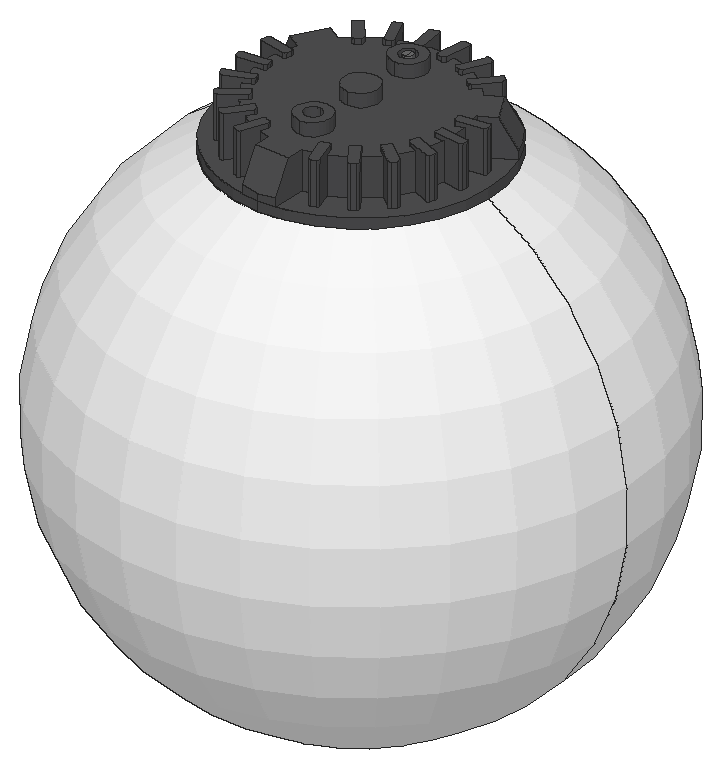
Revit family "Lighting_Pendants_Zero_City_Globe_Pendant", category Lighting Fixtures, Revit 2020
Family settings
  Round Connector Dimension = Use Diameter
  Part Type = Normal
  OmniClass Number = 23.80.70.00
  OmniClass Title = Lighting
  Work Plane-Based = Yes
  Always vertical = Yes
  Cut with Voids When Loaded = No
  Light Source = Yes
  Shared = No
  Room Calculation Point = No
Parameters (values of type "City Globe E27/Max 20W, red")
  Youtube clip = ""
  Weight Net (Kg) = "5.3"
  Wattage = 12.791 W
  WarrantyStartDate [instance] = "n/a"
  WarrantyGuarantorParts = "n/a"
  WarrantyGuarantorLabor = "n/a"
  WarrantyDurationUnit = "Hours"
  WarrantyDurationParts = "n/a"
  WarrantyDurationLabor = "n/a"
  WarrantyDescription = "n/a"
  built-in parameter 1150110 = 1 (stored number, unit not read)
  VersionDate = "31/08/2023"  # constant formula
  Version = "3"  # constant formula
  UsageCurrent = 0 A
  Uniformat II Description = ""
  Uniformat II Code = ""
  Uniclass2015Reference = "Pr_70_70_48_86"
  Uniclass2015Description = "Suspended Luminaires"
  Uniclass2 = "Pr_70_70_49_86"
  Uniclass 2015 Name = ""
  Uniclass 2015 Code = ""
  Uniclass 2.0 Description = ""
  Uniclass 2.0 Code = ""
  Uniclass 1.4 Description = ""
  Uniclass 1.4 Code = ""
  URL = "https://www.zerolighting.com/city-globe-inompe"
  UNSPSC Code = ""
  TotalWattage = 20 W
  built-in parameter 1114217 = 1 (stored number, unit not read)
  Tilt Angle = 90.00°
  built-in parameter 1150109 = 1 (stored number, unit not read)
  built-in parameter 1150134 = (empty or 0)
  Technical description = ""
  TagNumber [instance] = "n/a"
  SustainabilityPerformance = "n/a"
  built-in parameter 1150113 = 1 (stored number, unit not read)
  Size = "444x450x450 mm"
  Shape = "Sculptured"
  SerialNumber [instance] = "n/a"
  Revision = "5"  # constant formula
  ReplacementCost = "n/a"
  Region South America = "All"
  Region Oceania = "All"
  Region North America = "All"
  Region Middle East = "All"
  Region Europe = "All"
  Region Asia = "All"
  Region Antarctica = "All"
  Region Africa = "All"
  ProductInformation = "n/a"
  ProductDatasheet = "https://www.zerolighting.com/s/City-Globe-Greytoned-5rxa.pdf"
  Product group = "Pendant"
  Product family = "City Globe"
  Product certification = ""
  Product SKU = "City_Globe_pendant"
  Photometric Web File = "CityGlobe8421-3.IES"
  PhaseReference = "n/a"
  PhaseAngle = 0.00°
  OmniClass Description = ""
  OmniClass Code = ""
  NumberOfSources = 0
  NumberOfPoles = 1
  NominalVoltageCalc = 230 V
  NominalVoltage = 230 V
  NominalRadius = 0 mm
  NominalFrequencyRange = 50 Hz
  NominalDiameter = 0 mm
  NominalDepth = 450 mm
  NominalCurrent = 0 A
  Nominal width = 450 mm
  Nominal height = 444 mm
  NBS Reference Description = ""
  NBS Reference Code = ""
  Material secondary = "Acrylic"
  Material main = "Aluminium"
  Masterformat 2014 Description = ""
  Masterformat 2014 Code = ""
  Manufacturer name = "ZERO"
  Manufacturer country = "Sweden"
  built-in parameter 1150105 = 151.2 (stored number, unit not read)
  Lumens = 1900 lm
  built-in parameter 1150115 = 1 (stored number, unit not read)
  built-in parameter 1150137 = (empty or 0)
  built-in parameter 1150139 = (empty or 0)
  built-in parameter 1150112 = 1 (stored number, unit not read)
  built-in parameter 1150114 = 1 (stored number, unit not read)
  Installation instructions = ""
  built-in parameter 1150132 = 2
  built-in parameter 1150102 = (empty or 0)
  built-in parameter 1150107 = 3000 (stored number, unit not read)
  built-in parameter 1150138 = (empty or 0)
  built-in parameter 1150106 = 1.512 (stored number, unit not read)
  IFC Classification = ""
  GTIN code = ""
  Emit from Line Length = 609.6 mm
  built-in parameter 1150104 = 13.8 (stored number, unit not read)
  Edition number = 1
  Dimming Lamp Color Temperature Shift = <None>
  Design country = "Sweden"
  Default Elevation [instance] = 1219.2 mm
  Date of publishing = ""
  Color Filter = 16777215
  CeilingMounting [instance] = yes
  CableVisiblity [instance] = not(CeilingMounting)  # no
  CableLengthControl [instance] = if(CeilingMounting, 0 mm, if(CableLength < 200 mm, 200 mm, if(CableLength > 2500 mm, 2500 mm, CableLength)))  # 0 mm
  Name = "Zero_City_Globe_Pendant"  # constant formula
  NBSReference = "90-60-50/405"
  NBSDescription = "General purpose luminaires"
  ModelReference = "12075306"
  ModelNumber = "n/a"
  Model = "City Globe E27/Max 20W, red"
  Material = "Aluminium & acrylic"
  ManufacturersSpecificInformation = "n/a"
  ManufacturerURL = "https://www.zerolighting.com/"
  ManufacturerName = "Zero"
  Manufacturer = "Zero"
  MaintenanceFactor = 0
  LightSource = "E27 20W"
  LightFixtureTertiaryMaterial = Steel, Galvanized
  LightFixtureSecondaryMaterial = Toned acrylics
  LightFixturePlacingType = "Ceiling"
  LightFixtureMountingType [instance] = if(CeilingMounting, "Surface", "Suspended")  # "Surface"
  LightFixtureMainMaterial = Black aluminium
  LensMaterial = Cognac acrylics
  InsulationStandardClass = "n/a"
  InstallationDate [instance] = "n/a"
  IfcExportType = "NOTDEFINED"  # constant formula
  IfcExportAs = "IfcLightFixtureType"  # constant formula
  IP_Code = "IP20"
  HasProtectiveEarth = yes
  Grade = "n/a"
  Finish = "n/a"
  Features = "Terminalblock 3x4 mm². 2,5m wire."
  ExpectedLife = "n/a"
  ElectricalDeviceNominalPower = 0
  DurationUnit = "Hours"
  DimmingType = "n/a"
  Designer = "Thomas Bernstrand"
  Description = "The City family has become many people’s favourite, with its archetypal shape and generous diameter. Not to mention its broad range of applications. A variety of globes can be chosen: This fixture is now even easier to position in different types of environments."
  DefaultElevation = 0 mm
  Constituents = "n/a"
  ColorTolerance = "SDCM 3"
  ColorRenderingIndex = ">80"
  Color = "Red"
  Collection = "City"
  CodePerformance = "n/a"
  Category = "Interior lighting"
  CableLength [instance] = 200 mm
  COBIe Type Category = ""
  Brand url = "http://www.zero.se"
  Brand = "Zero"
  Barcode [instance] = "n/a"
  built-in parameter 1114218 = 1 (stored number, unit not read)
  BIMObjectName = "Lighting_Pendants_Zero_City_Globe_Pendant"  # constant formula
  Author = "BIMstone"  # constant formula
  built-in parameter 1150133 = 10 (stored number, unit not read)
  AssetType = "Fixed"
  AssetIdentifier [instance] = "n/a"
  ArticleNumber = "12075306"
  AccessibilityPerformance = "n/a"
Types (9, lengths in mm): name | TotalWattage | ModelReference | Model | LightSource | LensMaterial | Color | ArticleNumber
  City Globe LED 1900LM/26W, grey - on/off | 26 W | "12066306-30" | "City Globe LED 1900LM/26W, grey - on/off" | "LED 1900LM/26W" | Grey acrylics | "Grey" | "12066306-30"
  City Globe LED 1900LM/26W, grey - Dali | 26 W | "12066306D30" | "City Globe LED 1900LM/26W, grey - Dali" | "LED 1900LM/26W" | Grey acrylics | "Grey" | "12066306D30"
  City Globe LED 1900LM/26W, cognac - on/off | 26 W | "12066306-30" | "City Globe LED 1900LM/26W, cognac - on/off" | "LED 1900LM/26W" | Cognac acrylics | "Cognac" | "12067306-30"
  City Globe LED 1900LM/26W, cognac - Dali | 26 W | "12067306D30" | "City Globe LED 1900LM/26W, cognac - Dali" | "LED 1900LM/26W" | Cognac acrylics | "Cognac" | "12067306D30"
  City Globe LED 1900LM/26W, red - on/off | 26 W | "12068306-30" | "City Globe LED 1900LM/26W, red - on/off" | "LED 1900LM/26W" | Red acrylics | "Red" | "12068306-30"
  City Globe LED 1900LM/26W, red - Dali | 26 W | "12068306D30" | "City Globe LED 1900LM/26W, red - Dali" | "LED 1900LM/26W" | Red acrylics | "Red" | "12068306D30"
  City Globe E27/Max 20W, grey | 20 W | "12075306" | "City Globe E27/Max 20W, grey" | "E27 20W" | Grey acrylics | "Grey" | "12075306"
  City Globe E27/Max 20W, cognac | 20 W | "12075306" | "City Globe E27/Max 20W, cognac" | "E27 20W" | Cognac acrylics | "Cognac" | "12075306"
  City Globe E27/Max 20W, red | 20 W | "12075306" | "City Globe E27/Max 20W, red" | "E27 20W" | Cognac acrylics | "Red" | "12075306"
Reference planes
  plane 1 "Light Source Axis (F/B)": y = 0
  plane 2: z = -4000
  plane 3 "Light Source Axis (L/R)": x = 0
  plane 4 "Ceiling": z = 0
  plane 5 "Light Source Elevation": z = -160
  plane 6: z = 0
  plane 7: y = 0
  plane 8: z = -444
  plane 9: y = 225
  plane 10: y = -225
  plane 11: x = -225
  plane 12: x = 225
  plane 13: z = 0
Forms (mm)
  Revolve 1, solid, material "Steel, Galvanized" <- "LightFixtureTertiaryMaterial", visible <- "CableVisiblity", detail levels medium+fine
    sketch origin (0, 0, 0) x (0, 1, 0) y (0, 0, 1)
      loop
        line (0, -10.377) -> (4, -10.377) -> (4, 0) -> (0, 0) -> (0, -10.377)
      axis (0, -10.377) -> (0, 0)
    angle from 0 to 360
  Revolve 2, solid, material "Rubber", detail levels medium+fine
    sketch origin (0, 0, 0) x (0, 1, 0) y (0, 0, 1)
      loop
        line (50, 0) -> (50, -10.377) -> (54, -10.377) -> (54, 0) -> (50, 0)
      axis (50, 0) -> (50, -10.377)
    angle from 0 to 360
  Extrusion 3, solid, material "Black aluminium" <- "LightFixtureMainMaterial", detail levels coarse
    sketch origin (0, 0, -160) x (-1, 0, 0) y (0, -1, 0)
      loop
        line (225, -225) -> (225, 225) -> (-225, 225) -> (-225, -225) -> (225, -225)
    from -284 to 160
Lines and regions (mm)
  symbolic lines, visible <- "CableVisiblity", detail levels medium+fine
    curve 1: line (0, -4, 0) -> (0, -4, 1)
    curve 2: line (0, 4, 0) -> (0, 4, 1)
    curve 3: line (0, 4, 1) -> (0, -4, 1)
    curve 6: line (4, 0, 0) -> (4, 0, 1)
    curve 7: line (4, 0, 1) -> (-4, 0, 1)
    curve 8: line (-4, 0, 1) -> (-4, 0, 0)
  symbolic lines, visible <- "CeilingMounting", detail levels medium+fine
    curve 4: line (0, 4, 0) -> (0, -4, 0)
    curve 5: line (4, 0, 0) -> (-4, 0, 0)
  symbolic lines, detail levels medium+fine
    curve 9: line (0, 64.165, 0) -> (0, 54, 0)
    curve 10: line (0, 54, 1) -> (0, 54, 0)
    curve 11: line (0, 54, 1) -> (0, 46, 1)
    curve 12: line (0, 46, 1) -> (0, 46, 0)
    curve 13: line (0, 46, 0) -> (0, 35.835, 0)
    curve 15: line (0, 14.159, 0) -> (0, 4, 0)
    curve 16: line (0, -4, 0) -> (0, -14.159, 0)
  symbolic lines, detail levels fine
    curve 14: line (0, 54, 0) -> (0, 46, 0)
Dimensions and locks
  "CableLengthControl": plane 6 to plane 4 "Ceiling"
  locked: plane 5 "Light Source Elevation" to plane 6 at 160
  plane 6 to plane 8 = 444 mm
  equal spacing: plane 11, plane 3 "Light Source Axis (L/R)", plane 12
  plane 11 to plane 12 = 450 mm
  equal spacing: plane 10, plane 1 "Light Source Axis (F/B)", plane 9
  "NominalDepth": plane 10 to plane 9
  aligned and locked: plane 6 to nested 1
  aligned and locked: Revolve 1 sketch curve to nested 1
  aligned and locked: plane 4 "Ceiling" to Revolve 1 sketch curve
  aligned and locked: Extrusion 3 to plane 8
  aligned and locked: Extrusion 3 to plane 4 "Ceiling"
  aligned and locked: Revolve 2 sketch curve to nested 1
  aligned and locked: curve 9 to plane 6
  aligned and locked: curve 13 to plane 6
  aligned and locked: curve 15 to plane 6
  aligned and locked: curve 16 to plane 6
  aligned and locked: plane 4 "Ceiling" to Revolve 2 sketch curve
  aligned and locked: plane 8 to imposter light
Automatic sketch dimensions
  curve 5 to plane 6 = 0 mm
  curve 7 to plane 4 "Ceiling" = 1 mm
  plane 3 "Light Source Axis (L/R)" to curve 7 = 4 mm
  curve 5 to plane 3 "Light Source Axis (L/R)" = 4 mm
  Revolve 1 sketch curve to plane 1 "Light Source Axis (F/B)" = 0 mm  (x2)
  Revolve 1 sketch curve to Revolve 1 sketch curve = 4 mm
  Revolve 1 sketch curve to Revolve 1 sketch curve = 0 mm
  Revolve 1 sketch curve to plane 4 "Ceiling" = 5 mm
  plane 9 to Extrusion 3 sketch curve = 0 mm
  Extrusion 3 sketch curve to plane 12 = 0 mm
  plane 10 to Extrusion 3 sketch curve = 0 mm
  Extrusion 3 sketch curve to plane 11 = 0 mm
  plane 4 "Ceiling" to Revolve 2 sketch curve = 0 mm
  Revolve 2 sketch curve to plane 1 "Light Source Axis (F/B)" = 50 mm
  Revolve 2 sketch curve to Revolve 2 sketch curve = 4 mm
  Revolve 2 sketch curve to Revolve 2 sketch curve = 0 mm
  Revolve 2 sketch curve to Revolve 2 sketch curve = 193.739 mm
  curve 1 to plane 4 "Ceiling" = 1 mm
  plane 1 "Light Source Axis (F/B)" to curve 1 = 4 mm
  curve 4 to plane 1 "Light Source Axis (F/B)" = 4 mm
  curve 12 to plane 4 "Ceiling" = 1 mm
  curve 2 to curve 12 = 42 mm
  curve 12 to curve 10 = 8 mm
  curve 16 to curve 1 = 10.159 mm
  curve 2 to curve 15 = 10.159 mm
  curve 13 to curve 12 = 10.165 mm
  curve 9 to curve 9 = 10.165 mm
Nested families
  nested 1: "CityGlobe" at (0, 0, -444), LensMaterial <- "LensMaterial", MainMaterial <- "LightFixtureMainMaterial", SecondaryMaterial <- "LightFixtureSecondaryMaterial", type "CityGlobe"
    with SecondaryMaterial Toned acrylics, MainMaterial Black aluminium, LensMaterial Cognac acrylics
Connectors
  electrical at (0, 50, 0), driven by "NominalVoltage"
    settings: on Revolve 2, index 1, voltage 230 V, apparent load 0 VA, apparent load phase1 0 VA, apparent load phase2 0 VA, apparent load phase3 0 VA, power factor 1, load classification "Other", number of poles 1, system type 31, power factor state 1, is connector primary yes, connector utility no, sub classification motor no, connector description ""
Definition of nested family "CityGlobe"
  Parameters (values of type "CityGlobe")
    SecondaryMaterial [instance] = none
    MainMaterial [instance] = none
    LensMaterial [instance] = none
    Default Elevation = 0 mm
  Reference planes
    plane 1 "Center (Front/Back)": y = 0
    plane 2: z = 0
    plane 3 "Center (Left/Right)": x = 0
    plane 4: z = 444
    plane 5: x = -225
    plane 6: y = 225
    plane 7: y = -225
    plane 8: x = 225
  Forms (mm)
    Revolve 1, solid, material <- "MainMaterial", detail levels medium+fine
      sketch origin (0, 641.022, 101.622) x (0, 0, 1) y (0, -1, 0)
        loop
          line (293, 641.022) -> (332.001, 641.022) -> (332.001, 721.485) -> (301.001, 721.485) -> (301.001, 748.945) -> (293, 748.945) -> (293, 641.022)
        axis (332.001, 641.022) -> (293, 641.022)
      angle from 0 to 360
    Extrusion 2, solid, material <- "MainMaterial", detail levels medium+fine
      sketch origin (0, 641.522, 101.622) x (0, 0, 1) y (0, -1, 0)
        loop
          line (332.001, 713.945) -> (332.001, 734.734) -> (303.895, 750.636) -> (301.001, 750.636) -> (301.001, 713.945) -> (332.001, 713.945)
      from -13.992 to 14.008
    Extrusion 3, solid, material <- "MainMaterial", detail levels medium+fine
      sketch origin (0, 641.022, 738.124) x (0, -1, 0) y (1, 0, 0)
        loop
          line (708.716, -28.944) -> (728.286, -36.087)
          arc (728.286, -36.087) -> (729.793, -36.032) -> (730.833, -34.939) r 2
          arc (730.833, -34.939) -> (731.558, -33.023) -> (732.238, -31.091) r 85.604
          arc (732.238, -31.091) -> (732.146, -29.585) -> (731.029, -28.572) r 2
          line (731.029, -28.572) -> (711.459, -21.429)
          arc (711.459, -21.429) -> (709.951, -21.484) -> (708.911, -22.577) r 2
          arc (708.911, -22.577) -> (708.186, -24.492) -> (707.507, -26.425) r 85.604
          arc (707.507, -26.425) -> (707.598, -27.93) -> (708.716, -28.944) r 2
        loop
          line (698.092, -46.513) -> (714.935, -58.774)
          arc (714.935, -58.774) -> (716.399, -59.136) -> (717.7, -58.372) r 2
          arc (717.7, -58.372) -> (718.925, -56.731) -> (720.111, -55.061) r 85.604
          arc (720.111, -55.061) -> (720.438, -53.588) -> (719.643, -52.306) r 2
          line (719.643, -52.306) -> (702.8, -40.045)
          arc (702.8, -40.045) -> (701.336, -39.683) -> (700.035, -40.447) r 2
          arc (700.035, -40.447) -> (698.81, -42.088) -> (697.624, -43.758) r 85.604
          arc (697.624, -43.758) -> (697.297, -45.231) -> (698.092, -46.513) r 2
        loop
          line (683.037, -60.473) -> (695.848, -76.902)
          arc (695.848, -76.902) -> (697.156, -77.653) -> (698.617, -77.278) r 2
          arc (698.617, -77.278) -> (700.247, -76.038) -> (701.847, -74.759) r 85.604
          arc (701.847, -74.759) -> (702.567, -73.434) -> (702.157, -71.982) r 2
          line (702.157, -71.982) -> (689.346, -55.554)
          arc (689.346, -55.554) -> (688.038, -54.802) -> (686.577, -55.178) r 2
          arc (686.577, -55.178) -> (684.947, -56.418) -> (683.347, -57.696) r 85.604
          arc (683.347, -57.696) -> (682.626, -59.022) -> (683.037, -60.473) r 2
        loop
          line (664.717, -69.743) -> (672.504, -89.066)
          arc (672.504, -89.066) -> (673.554, -90.149) -> (675.062, -90.191) r 2
          arc (675.062, -90.191) -> (676.97, -89.448) -> (678.861, -88.66) r 85.604
          arc (678.861, -88.66) -> (679.918, -87.585) -> (679.924, -86.076) r 2
          line (679.924, -86.076) -> (672.137, -66.753)
          arc (672.137, -66.753) -> (671.087, -65.67) -> (669.579, -65.628) r 2
          arc (669.579, -65.628) -> (667.671, -66.371) -> (665.781, -67.159) r 85.604
          arc (665.781, -67.159) -> (664.723, -68.235) -> (664.717, -69.743) r 2
        loop
          line (644.552, -73.604) -> (646.711, -94.325)
          arc (646.711, -94.325) -> (647.421, -95.656) -> (648.86, -96.111) r 2
          arc (648.86, -96.111) -> (650.899, -95.923) -> (652.933, -95.687) r 85.604
          arc (652.933, -95.687) -> (654.247, -94.945) -> (654.668, -93.496) r 2
          line (654.668, -93.496) -> (652.509, -72.775)
          arc (652.509, -72.775) -> (651.798, -71.445) -> (650.36, -70.989) r 2
          arc (650.36, -70.989) -> (648.321, -71.177) -> (646.286, -71.413) r 85.604
          arc (646.286, -71.413) -> (644.973, -72.156) -> (644.552, -73.604) r 2
        loop
          line (624.104, -71.757) -> (620.467, -92.27)
          arc (620.467, -92.27) -> (620.784, -93.746) -> (622.041, -94.58) r 2
          arc (622.041, -94.58) -> (624.053, -94.961) -> (626.073, -95.295) r 85.604
          arc (626.073, -95.295) -> (627.541, -94.943) -> (628.345, -93.667) r 2
          line (628.345, -93.667) -> (631.981, -73.154)
          arc (631.981, -73.154) -> (631.665, -71.679) -> (630.408, -70.844) r 2
          arc (630.408, -70.844) -> (628.396, -70.463) -> (626.375, -70.129) r 85.604
          arc (626.375, -70.129) -> (624.908, -70.481) -> (624.104, -71.757) r 2
        loop
          line (582.099, -44.158) -> (566.128, -57.535)
          arc (566.128, -57.535) -> (565.422, -58.868) -> (565.849, -60.315) r 2
          arc (565.849, -60.315) -> (567.145, -61.901) -> (568.479, -63.455) r 85.604
          arc (568.479, -63.455) -> (569.828, -64.129) -> (571.265, -63.668) r 2
          line (571.265, -63.668) -> (587.236, -50.291)
          arc (587.236, -50.291) -> (587.942, -48.958) -> (587.515, -47.511) r 2
          arc (587.515, -47.511) -> (586.219, -45.925) -> (584.885, -44.371) r 85.604
          arc (584.885, -44.371) -> (583.536, -43.697) -> (582.099, -44.158) r 2
        loop
          line (572.196, -26.173) -> (553.156, -34.629)
          arc (553.156, -34.629) -> (552.11, -35.716) -> (552.121, -37.225) r 2
          arc (552.121, -37.225) -> (552.93, -39.106) -> (553.784, -40.968) r 85.604
          arc (553.784, -40.968) -> (554.896, -41.988) -> (556.403, -41.941) r 2
          line (556.403, -41.941) -> (575.443, -33.484)
          arc (575.443, -33.484) -> (576.489, -32.397) -> (576.478, -30.889) r 2
          arc (576.478, -30.889) -> (575.669, -29.007) -> (574.815, -27.146) r 85.604
          arc (574.815, -27.146) -> (573.703, -26.126) -> (572.196, -26.173) r 2
        loop
          line (567.633, -6.155) -> (547, -9.036)
          arc (547, -9.036) -> (545.695, -9.792) -> (545.29, -11.245) r 2
          arc (545.29, -11.245) -> (545.549, -13.277) -> (545.857, -15.302) r 85.604
          arc (545.857, -15.302) -> (546.644, -16.588) -> (548.107, -16.959) r 2
          line (548.107, -16.959) -> (568.739, -14.078)
          arc (568.739, -14.078) -> (570.044, -13.321) -> (570.45, -11.868) r 2
          arc (570.45, -11.868) -> (570.191, -9.837) -> (569.883, -7.812) r 85.604
          arc (569.883, -7.812) -> (569.096, -6.525) -> (567.633, -6.155) r 2
        loop
          line (568.765, 14.345) -> (548.138, 17.263)
          arc (548.138, 17.263) -> (546.675, 16.896) -> (545.885, 15.611) r 2
          arc (545.885, 15.611) -> (545.574, 13.586) -> (545.311, 11.555) r 85.604
          arc (545.311, 11.555) -> (545.713, 10.101) -> (547.017, 9.342) r 2
          line (547.017, 9.342) -> (567.645, 6.424)
          arc (567.645, 6.424) -> (569.108, 6.792) -> (569.898, 8.077) r 2
          arc (569.898, 8.077) -> (570.209, 10.101) -> (570.471, 12.132) r 85.604
          arc (570.471, 12.132) -> (570.069, 13.586) -> (568.765, 14.345) r 2
        loop
          line (575.504, 33.739) -> (556.48, 42.23)
          arc (556.48, 42.23) -> (554.972, 42.28) -> (553.859, 41.262) r 2
          arc (553.859, 41.262) -> (553.002, 39.402) -> (552.189, 37.522) r 85.604
          arc (552.189, 37.522) -> (552.176, 36.014) -> (553.22, 34.925) r 2
          line (553.22, 34.925) -> (572.243, 26.434)
          arc (572.243, 26.434) -> (573.751, 26.384) -> (574.865, 27.402) r 2
          arc (574.865, 27.402) -> (575.722, 29.262) -> (576.534, 31.142) r 85.604
          arc (576.534, 31.142) -> (576.548, 32.65) -> (575.504, 33.739) r 2
        loop
          line (587.328, 50.525) -> (571.381, 63.93)
          arc (571.381, 63.93) -> (569.945, 64.394) -> (568.594, 63.723) r 2
          arc (568.594, 63.723) -> (567.258, 62.171) -> (565.959, 60.588) r 85.604
          arc (565.959, 60.588) -> (565.53, 59.141) -> (566.233, 57.807) r 2
          line (566.233, 57.807) -> (582.18, 44.401)
          arc (582.18, 44.401) -> (583.615, 43.938) -> (584.966, 44.609) r 2
          arc (584.966, 44.609) -> (586.303, 46.161) -> (587.602, 47.744) r 85.604
          arc (587.602, 47.744) -> (588.031, 49.19) -> (587.328, 50.525) r 2
        loop
          line (632.231, 73.102) -> (628.633, 93.622)
          arc (628.633, 93.622) -> (627.831, 94.9) -> (626.364, 95.254) r 2
          arc (626.364, 95.254) -> (624.343, 94.924) -> (622.33, 94.546) r 85.604
          arc (622.33, 94.546) -> (621.072, 93.714) -> (620.753, 92.24) r 2
          line (620.753, 92.24) -> (624.352, 71.72)
          arc (624.352, 71.72) -> (625.154, 70.442) -> (626.62, 70.088) r 2
          arc (626.62, 70.088) -> (628.641, 70.418) -> (630.654, 70.796) r 85.604
          arc (630.654, 70.796) -> (631.912, 71.628) -> (632.231, 73.102) r 2
        loop
          line (652.759, 72.686) -> (654.955, 93.403)
          arc (654.955, 93.403) -> (654.537, 94.852) -> (653.225, 95.597) r 2
          arc (653.225, 95.597) -> (651.191, 95.837) -> (649.152, 96.029) r 85.604
          arc (649.152, 96.029) -> (647.713, 95.576) -> (647, 94.246) r 2
          line (647, 94.246) -> (644.803, 73.53)
          arc (644.803, 73.53) -> (645.222, 72.08) -> (646.534, 71.336) r 2
          arc (646.534, 71.336) -> (648.568, 71.095) -> (650.607, 70.904) r 85.604
          arc (650.607, 70.904) -> (652.046, 71.357) -> (652.759, 72.686) r 2
        loop
          line (672.376, 66.628) -> (680.198, 85.937)
          arc (680.198, 85.937) -> (680.195, 87.446) -> (679.139, 88.523) r 2
          arc (679.139, 88.523) -> (677.25, 89.315) -> (675.343, 90.061) r 85.604
          arc (675.343, 90.061) -> (673.835, 90.022) -> (672.783, 88.941) r 2
          line (672.783, 88.941) -> (664.961, 69.632)
          arc (664.961, 69.632) -> (664.964, 68.123) -> (666.02, 67.046) r 2
          arc (666.02, 67.046) -> (667.909, 66.254) -> (669.816, 65.508) r 85.604
          arc (669.816, 65.508) -> (671.324, 65.547) -> (672.376, 66.628) r 2
        loop
          line (689.564, 55.398) -> (702.405, 71.803)
          arc (702.405, 71.803) -> (702.818, 73.254) -> (702.1, 74.58) r 2
          arc (702.1, 74.58) -> (700.503, 75.862) -> (698.875, 77.105) r 85.604
          arc (698.875, 77.105) -> (697.414, 77.483) -> (696.105, 76.734) r 2
          line (696.105, 76.734) -> (683.264, 60.329)
          arc (683.264, 60.329) -> (682.851, 58.878) -> (683.569, 57.551) r 2
          arc (683.569, 57.551) -> (685.167, 56.27) -> (686.794, 55.027) r 85.604
          arc (686.794, 55.027) -> (688.255, 54.648) -> (689.564, 55.398) r 2
        loop
          line (702.99, 39.865) -> (719.856, 52.095)
          arc (719.856, 52.095) -> (720.653, 53.376) -> (720.328, 54.849) r 2
          arc (720.328, 54.849) -> (719.146, 56.521) -> (717.924, 58.165) r 85.604
          arc (717.924, 58.165) -> (716.624, 58.931) -> (715.159, 58.571) r 2
          line (715.159, 58.571) -> (698.294, 46.341)
          arc (698.294, 46.341) -> (697.497, 45.06) -> (697.821, 43.587) r 2
          arc (697.821, 43.587) -> (699.004, 41.915) -> (700.226, 40.271) r 85.604
          arc (700.226, 40.271) -> (701.525, 39.505) -> (702.99, 39.865) r 2
        loop
          line (711.615, 21.233) -> (731.198, 28.34)
          arc (731.198, 28.34) -> (732.317, 29.352) -> (732.411, 30.857) r 2
          arc (732.411, 30.857) -> (731.736, 32.791) -> (731.014, 34.707) r 85.604
          arc (731.014, 34.707) -> (729.976, 35.802) -> (728.469, 35.86) r 2
          line (728.469, 35.86) -> (708.886, 28.753)
          arc (708.886, 28.753) -> (707.767, 27.741) -> (707.672, 26.236) r 2
          arc (707.672, 26.236) -> (708.348, 24.302) -> (709.07, 22.386) r 85.604
          arc (709.07, 22.386) -> (710.108, 21.291) -> (711.615, 21.233) r 2
      from -301.001 to -342
    Extrusion 4, solid, material <- "MainMaterial", detail levels medium+fine
      sketch origin (0, 641.022, 738.124) x (0, -1, 0) y (1, 0, 0)
        loop
          circle (691.022, 0.008) r 7.136
        loop
          circle (691.022, 0.008) r 14.165
        loop
          circle (641.022, 0.008) r 14.159
        loop
          circle (591.022, 0.008) r 7.136
        loop
          circle (591.022, 0.008) r 14.165
      from -309.818 to -294.124
    Extrusion 5, solid, material <- "MainMaterial", detail levels medium+fine
      sketch origin (555.136, -320.001, 101.622) x (0, 0, 1) y (-0.866025, 0.5, 0)
        loop
          line (332.001, 713.945) -> (332.001, 734.234) -> (304.863, 749.588) -> (301.001, 749.588) -> (301.001, 713.945) -> (332.001, 713.945)
      from -13.992 to 14.008
    Extrusion 6, solid, material <- "MainMaterial", detail levels medium+fine
      sketch origin (-555.136, -320.001, 101.622) x (0, 0, 1) y (0.866025, 0.5, 0)
        loop
          line (332.001, 713.945) -> (332.001, 734.234) -> (303.237, 750.507) -> (301.001, 750.507) -> (301.001, 713.945) -> (332.001, 713.945)
      from -13.992 to 14.008
    Extrusion 7, void
      sketch origin (0, 634.559, 738.124) x (0, -1, 0) y (1, 0, 0)
        loop
          circle (634.559, 0) r 107.923
        loop
          circle (634.559, 0) r 117.923
      from -293 to -343.502
    Revolve 8, solid, material <- "SecondaryMaterial", detail levels medium+fine
      sketch origin (0, 0, -2427.837) x (1, 0, 0) y (0, 0, 1)
        loop
          arc (101.432, 2822.459) -> (221.977, 2623.333) -> (95.632, 2427.837) r 219.434
          line (95.632, 2427.837) -> (102.5, 2427.837)
          arc (102.5, 2427.837) -> (224.979, 2623.502) -> (107.923, 2822.459) r 222.434
          line (107.923, 2822.459) -> (101.432, 2822.459)
        axis (0, 2427.837) -> (0, 2822.459)
      angle from 0 to 360
    Revolve 9, solid, material <- "LensMaterial", detail levels medium+fine
      sketch origin (0, 0, -2407.927) x (0, 1, 0) y (0, 0, 1)
        loop
          line (50, 2778.96) -> (37.176, 2778.96) -> (37.176, 2798.87) -> (0, 2798.87) -> (0, 2613.96)
          arc (0, 2613.96) -> (86.145, 2677.931) -> (50, 2778.96) r 90.101
        axis (0, 2798.87) -> (0, 2613.96)
      angle from 0 to 360
    Extrusion 10, solid, material <- "MainMaterial", detail levels medium+fine
      sketch origin (0, 0, 1322.163) x (-1, 0, 0) y (0, -1, 0)
        loop
          circle (0, 0) r 60
      from -951.13 to -927.541
  Cuts and joins
    Extrusion 7 cuts Revolve 1
    Extrusion 7 cuts Extrusion 2
    Extrusion 7 cuts Extrusion 5
    Extrusion 7 cuts Extrusion 6
    joined: Revolve 1, Extrusion 2, Extrusion 3, Extrusion 4, Extrusion 5, Extrusion 6, Extrusion 10
  Lines and regions (mm)
    symbolic lines, detail levels medium+fine
      curve 1: line (102.5, 0, 0) -> (-102.5, 0, 0)
      curve 2: arc (102.5, 0, 0) -> (224.903, 0, 195.666) -> (107.923, 0, 394.622) r 222.5
      curve 3: arc (-107.923, 0, 394.622) -> (-224.903, 0, 195.666) -> (-102.5, 0, 0) r 222.5
      curve 4: line (0, 107.923, 394.622) -> (0, 107.923, 402.623)
      curve 5: line (0, 107.923, 402.623) -> (0, 95.745, 402.623)
      curve 6: line (0, 95.745, 402.623) -> (0, 95.732, 437.123)
      curve 7: line (0, 95.732, 437.123) -> (0, 64.165, 437.123)
      curve 8: line (0, 64.165, 444) -> (0, 64.165, 437.123)
      curve 10: line (0, 35.835, 444) -> (0, 35.835, 433.623)
      curve 11: line (0, 20.585, 437.123) -> (0, 20.585, 433.623)
      curve 12: line (0, 35.835, 433.623) -> (0, 20.585, 433.623)
      curve 13: line (0, 20.585, 437.123) -> (0, 14.159, 437.123)
      curve 14: line (0, 14.159, 444) -> (0, 14.159, 437.123)
      curve 15: line (0, -14.159, 444) -> (0, -14.159, 433.623)
      curve 16: line (0, -14.159, 433.623) -> (0, -22.755, 433.623)
      curve 17: line (0, -23.55, 437.123) -> (0, -23.55, 433.623)
      curve 18: line (0, -14.159, 444) -> (0, -14.159, 433.623)
      curve 19: line (0, -14.159, 433.623) -> (0, -23.55, 433.623)
      curve 20: line (0, -23.55, 437.123) -> (0, -35.835, 437.123)
      curve 21: line (0, -35.835, 444) -> (0, -35.835, 437.123)
      curve 22: line (0, -35.835, 444) -> (0, -64.165, 444)
      curve 23: line (0, -64.165, 444) -> (0, -64.165, 437.123)
      curve 24: line (0, -64.165, 437.123) -> (0, -91.493, 437.123)
      curve 25: line (0, -91.493, 437.123) -> (0, -91.493, 433.623)
      curve 26: line (0, -91.493, 433.623) -> (0, -93.211, 433.623)
      curve 27: line (0, -93.211, 433.623) -> (0, -107.923, 407.62)
      curve 28: line (0, -107.923, 407.62) -> (0, -107.923, 394.622)
      curve 29: line (0, 102.5, 0) -> (0, -102.5, 0)
      curve 65: arc (0, 102.5, 0) -> (0, 224.903, 195.666) -> (0, 107.923, 394.622) r 222.5
      curve 66: arc (0, -102.5, 0) -> (0, -224.903, 195.666) -> (0, -107.923, 394.622) r 222.5
      curve 67: line (-107.923, 0, 394.622) -> (-107.923, 0, 402.623)
      curve 68: line (-107.923, 0, 402.623) -> (-99.507, 0, 402.623)
      curve 69: line (-99.507, 0, 402.623) -> (-99.507, 0, 409.593)
      curve 70: line (-99.507, 0, 409.593) -> (-96.111, 0, 416.524)
      curve 71: line (-96.111, 0, 437.123) -> (-96.111, 0, 416.524)
      curve 72: line (-96.111, 0, 437.123) -> (-21.308, 0, 437.123)
      curve 73: line (-21.308, 0, 433.623) -> (-16.978, 0, 433.623)
      curve 74: line (-16.978, 0, 437.123) -> (-16.978, 0, 433.623)
      curve 75: line (-21.308, 0, 437.123) -> (-21.308, 0, 433.623)
      curve 76: line (-16.978, 0, 437.123) -> (-14.151, 0, 437.123)
      curve 77: line (-14.151, 0, 444) -> (-14.151, 0, 437.123)
      curve 80: line (-14.151, 0, 444) -> (-3.992, 0, 444)
      curve 81: line (4.008, 0, 444) -> (14.151, 0, 444)
      curve 98: line (107.923, 0, 402.623) -> (99.507, 0, 402.623)
      curve 99: line (99.507, 0, 402.623) -> (99.507, 0, 409.593)
      curve 100: line (99.507, 0, 409.593) -> (96.111, 0, 416.524)
      curve 101: line (96.111, 0, 437.123) -> (96.111, 0, 416.524)
      curve 102: line (96.111, 0, 437.123) -> (21.308, 0, 437.123)
      curve 103: line (21.308, 0, 433.623) -> (16.978, 0, 433.623)
      curve 104: line (16.978, 0, 437.123) -> (16.978, 0, 433.623)
      curve 105: line (21.308, 0, 437.123) -> (21.308, 0, 433.623)
      curve 106: line (16.978, 0, 437.123) -> (14.151, 0, 437.123)
      curve 107: line (14.151, 0, 444) -> (14.151, 0, 437.123)
      curve 124: circle (0, 0, 0) r 225 normal (0, 0, 1)
      curve 126: line (107.923, 0, 402.623) -> (107.923, 0, 394.622)
    symbolic lines, detail levels fine
      curve 9: line (0, 64.165, 444) -> (0, 35.835, 444)
      curve 30: line (0, 107.923, 394.622) -> (0, -107.923, 394.622)
      curve 31: line (0, 95.745, 402.623) -> (0, -107.923, 402.623)
      curve 32: line (0, 89.054, 437.123) -> (0, 89.054, 402.623)
      curve 33: line (0, 75.657, 437.123) -> (0, 75.657, 402.623)
      curve 34: line (0, 65.974, 402.623) -> (0, 65.974, 409.793)
      curve 35: line (0, 65.974, 409.793) -> (0, 59.233, 433.623)
      curve 36: line (0, 59.233, 433.623) -> (0, 35.835, 433.623)
      curve 37: line (0, 64.165, 437.123) -> (0, 53.064, 437.123)
      curve 38: line (0, 53.064, 433.623) -> (0, 53.064, 437.123)
      curve 39: spline (0, 65.974, 409.793) -> (0, 64.137, 409.286) -> (0, 62.254, 408.867) -> (0, 60.33, 408.536) -> (0, 58.369, 408.295) -> (0, 56.373, 408.143) -> (0, 54.347, 408.081) -> (0, 52.295, 408.11) -> (0, 50.221, 408.228) -> (0, 48.129, 408.436) -> (0, 46.022, 408.733) -> (0, 43.905, 409.119) -> (0, 41.782, 409.593)
      curve 40: line (0, 41.782, 409.593) -> (0, 41.782, 402.623)
      curve 41: line (0, 34.984, 433.623) -> (0, 41.782, 409.593)
      curve 42: line (0, 27.904, 433.623) -> (0, 27.904, 402.623)
      curve 43: line (0, 10.221, 402.623) -> (0, 10.221, 433.623)
      curve 44: line (0, 20.585, 433.623) -> (0, 20.585, 402.623)
      curve 45: line (0, 14.159, 437.123) -> (0, 9.041, 437.123)
      curve 46: line (0, 9.041, 437.123) -> (0, 9.041, 433.623)
      curve 47: line (0, 10.221, 433.623) -> (0, -4.233, 433.623)
      curve 48: line (0, -3.519, 437.123) -> (0, -3.519, 433.623)
      curve 49: line (0, -3.519, 437.123) -> (0, -13.656, 437.123)
      curve 50: line (0, -13.656, 437.123) -> (0, -13.656, 402.623)
      curve 51: line (0, -4.233, 433.623) -> (0, -4.233, 402.623)
      curve 52: line (0, -26.242, 433.623) -> (0, -13.656, 433.623)
      curve 53: line (0, -26.242, 433.623) -> (0, -26.242, 402.623)
      curve 54: line (0, -39.047, 437.123) -> (0, -35.835, 437.123)
      curve 55: line (0, -39.047, 437.123) -> (0, -39.047, 402.623)
      curve 56: line (0, -46.219, 433.623) -> (0, -46.219, 402.623)
      curve 57: line (0, -46.219, 433.623) -> (0, -39.047, 433.623)
      curve 58: line (0, -41.587, 433.623) -> (0, -41.587, 437.123)
      curve 59: line (0, -64.165, 437.123) -> (0, -41.587, 437.123)
      curve 60: line (0, -61.554, 402.623) -> (0, -61.554, 437.123)
      curve 61: line (0, -61.554, 433.623) -> (0, -62.607, 433.623)
      curve 62: line (0, -62.607, 433.623) -> (0, -62.607, 402.623)
      curve 63: line (0, -79.306, 437.123) -> (0, -79.306, 402.623)
      curve 64: line (0, -91.493, 437.123) -> (0, -91.493, 402.623)
      curve 78: line (0.008, 0, 444) -> (-3.992, 0, 444)
      curve 79: line (0.008, 0, 444) -> (4.008, 0, 444)
      curve 82: line (-90.319, 0, 437.123) -> (-90.319, 0, 402.623)
      curve 83: line (-77.665, 0, 437.123) -> (-77.665, 0, 402.623)
      curve 84: line (-99.507, 0, 402.623) -> (99.507, 0, 402.623)
      curve 85: line (-59.164, 0, 437.123) -> (-59.164, 0, 402.623)
      curve 86: line (-60.949, 0, 433.623) -> (-60.949, 0, 402.623)
      curve 87: line (-60.949, 0, 433.623) -> (-59.164, 0, 433.623)
      curve 88: line (-44.077, 0, 433.623) -> (-36.26, 0, 433.623)
      curve 89: line (-44.077, 0, 433.623) -> (-44.077, 0, 402.623)
      curve 90: line (-36.26, 0, 402.623) -> (-36.26, 0, 437.123)
      curve 91: line (-39.681, 0, 437.123) -> (-39.681, 0, 433.623)
      curve 92: line (-23.777, 0, 402.623) -> (-23.777, 0, 433.623)
      curve 93: line (-23.777, 0, 433.623) -> (-13.992, 0, 433.623)
      curve 94: line (-14.151, 0, 437.123) -> (-14.151, 0, 433.623)
      curve 95: line (-14.151, 0, 433.623) -> (-14.151, 0, 402.623)
      curve 96: spline (0, 0, 407.62) -> (-1.193, 0, 407.633) -> (-2.385, 0, 407.668) -> (-3.577, 0, 407.726) -> (-4.766, 0, 407.807) -> (-5.953, 0, 407.911) -> (-7.138, 0, 408.037) -> (-8.318, 0, 408.186) -> (-9.495, 0, 408.358) -> (-10.667, 0, 408.552) -> (-11.834, 0, 408.768) -> (-12.996, 0, 409.006) -> (-14.151, 0, 409.267)
      curve 97: spline (14.151, 0, 409.267) -> (12.996, 0, 409.006) -> (11.834, 0, 408.768) -> (10.667, 0, 408.552) -> (9.495, 0, 408.358) -> (8.318, 0, 408.186) -> (7.138, 0, 408.037) -> (5.953, 0, 407.911) -> (4.766, 0, 407.807) -> (3.577, 0, 407.726) -> (2.385, 0, 407.668) -> (1.193, 0, 407.633) -> (0, 0, 407.62)
      curve 108: line (90.319, 0, 437.123) -> (90.319, 0, 402.623)
      curve 109: line (77.665, 0, 437.123) -> (77.665, 0, 402.623)
      curve 110: line (59.164, 0, 437.123) -> (59.164, 0, 402.623)
      curve 111: line (60.949, 0, 433.623) -> (60.949, 0, 402.623)
      curve 112: line (60.949, 0, 433.623) -> (59.164, 0, 433.623)
      curve 113: line (44.077, 0, 433.623) -> (36.26, 0, 433.623)
      curve 114: line (44.077, 0, 433.623) -> (44.077, 0, 402.623)
      curve 115: line (36.26, 0, 402.623) -> (36.26, 0, 437.123)
      curve 116: line (39.681, 0, 437.123) -> (39.681, 0, 433.623)
      curve 117: line (23.777, 0, 402.623) -> (23.777, 0, 433.623)
      curve 118: line (23.777, 0, 433.623) -> (14.151, 0, 433.623)
      curve 119: line (14.151, 0, 437.123) -> (14.151, 0, 433.623)
      curve 120: line (14.151, 0, 433.623) -> (14.151, 0, 402.623)
      curve 121: line (-107.923, 0, 394.622) -> (107.923, 0, 394.622)
      curve 122: line (-96.111, 0, 416.524) -> (-96.111, 0, 402.623)
      curve 123: line (96.111, 0, 416.524) -> (96.111, 0, 402.623)
      curve 125: circle (0, 0, 0) r 107.923 normal (0, 0, 1)
      curve 127: line (0, 14.159, 444) -> (0, -14.159, 444)
  Dimensions and locks
    plane 5 to plane 3 "Center (Left/Right)" = 225 mm
    aligned and locked: level to plane 2
    aligned and locked: plane 4 to Extrusion 4
